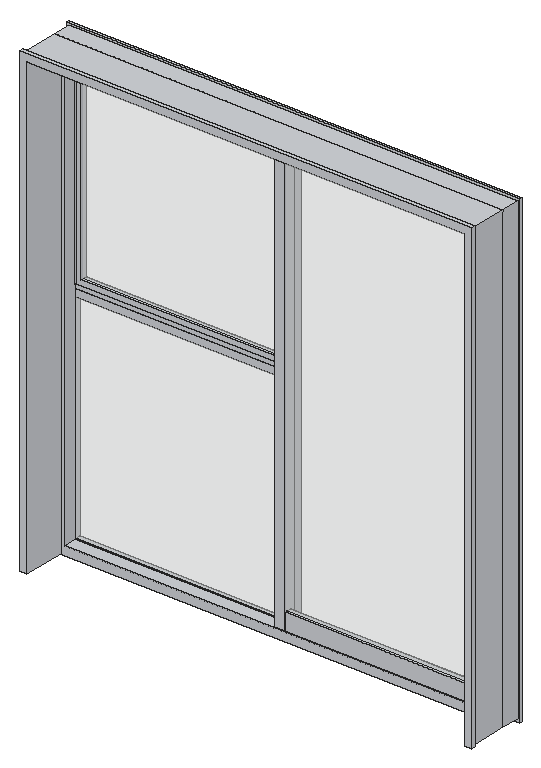
Revit family "APL Residential Thermal Heart Sliding Door SF with Sidelight", category Doors, host Wall, Revit 2017 (continued)
Definition of nested family "APL Residential Thermal Heart Sliding Door SF Vertical Section"
  Definition of nested family "Sill Two Panel"
    Definition of nested family "65380_Frame Sill"
      Lines and regions (mm)
        detail lines, in view "Ref. Level"
          curve 561: arc (70.893, 10, 0) -> (70.996, 10.014, 0) -> (71.093, 10.054, 0) r 0.4
          curve 562: arc (72.621, 10.939, 0) -> (72.911, 11.059, 0) -> (73.222, 11.1, 0) r 1.2
          curve 563: arc (74.145, 11.1, 0) -> (74.718, 11.281, 0) -> (75.084, 11.758, 0) r 1
          curve 564: arc (75.877, 13.937, 0) -> (76.024, 14.128, 0) -> (76.253, 14.2, 0) r 0.4
          curve 565: arc (78.947, 14.2, 0) -> (79.176, 14.128, 0) -> (79.323, 13.937, 0) r 0.4
          curve 566: arc (80.116, 11.758, 0) -> (80.482, 11.281, 0) -> (81.055, 11.1, 0) r 1
          curve 567: arc (81.978, 11.1, 0) -> (82.289, 11.059, 0) -> (82.579, 10.939, 0) r 1.2
          curve 568: arc (84.107, 10.054, 0) -> (84.204, 10.014, 0) -> (84.307, 10, 0) r 0.4
          curve 569: arc (84.6, 10, 0) -> (84.883, 10.117, 0) -> (85, 10.4, 0) r 0.4
          curve 570: arc (85, 13.8, 0) -> (84.883, 14.083, 0) -> (84.6, 14.2, 0) r 0.4
          curve 571: arc (84.307, 14.2, 0) -> (84.204, 14.187, 0) -> (84.107, 14.146, 0) r 0.4
          curve 572: arc (82.579, 13.262, 0) -> (82.285, 13.14, 0) -> (81.97, 13.1, 0) r 1.2
          curve 573: arc (81.97, 13.1, 0) -> (81.795, 13.153, 0) -> (81.684, 13.298, 0) r 0.3
          curve 574: arc (80.796, 15.737, 0) -> (80.649, 15.928, 0) -> (80.42, 16, 0) r 0.4
          curve 575: arc (74.78, 16, 0) -> (74.551, 15.928, 0) -> (74.404, 15.737, 0) r 0.4
          curve 576: arc (73.516, 13.298, 0) -> (73.405, 13.153, 0) -> (73.23, 13.1, 0) r 0.3
          curve 577: arc (73.23, 13.1, 0) -> (72.915, 13.14, 0) -> (72.621, 13.262, 0) r 1.2
          curve 578: arc (71.093, 14.146, 0) -> (70.996, 14.187, 0) -> (70.893, 14.2, 0) r 0.4
          curve 579: arc (70.6, 14.2, 0) -> (70.317, 14.083, 0) -> (70.2, 13.8, 0) r 0.4
          curve 580: line (70.6, 10, 0) -> (70.893, 10, 0)
          curve 581: line (71.093, 10.054, 0) -> (72.621, 10.939, 0)
          curve 582: line (73.222, 11.1, 0) -> (74.145, 11.1, 0)
          curve 583: line (75.084, 11.758, 0) -> (75.877, 13.937, 0)
          curve 584: line (76.253, 14.2, 0) -> (78.947, 14.2, 0)
          curve 585: line (79.323, 13.937, 0) -> (80.116, 11.758, 0)
          curve 586: line (81.055, 11.1, 0) -> (81.978, 11.1, 0)
          curve 587: line (82.579, 10.939, 0) -> (84.107, 10.054, 0)
          curve 588: line (84.307, 10, 0) -> (84.6, 10, 0)
          curve 589: line (85, 10.4, 0) -> (85, 13.8, 0)
          curve 590: line (84.6, 14.2, 0) -> (84.307, 14.2, 0)
          curve 591: line (84.107, 14.146, 0) -> (82.579, 13.262, 0)
          curve 592: line (81.684, 13.298, 0) -> (80.796, 15.737, 0)
          curve 593: line (80.42, 16, 0) -> (74.78, 16, 0)
          curve 594: line (74.404, 15.737, 0) -> (73.516, 13.298, 0)
          curve 595: line (72.621, 13.262, 0) -> (71.093, 14.146, 0)
          curve 596: line (70.893, 14.2, 0) -> (70.6, 14.2, 0)
          curve 597: line (70.2, 13.8, 0) -> (70.2, 10.4, 0)
          curve 598: arc (70.2, 5.6, 0) -> (70.317, 5.883, 0) -> (70.6, 6, 0) r 0.4
          curve 599: arc (70.893, 6, 0) -> (70.996, 5.987, 0) -> (71.093, 5.946, 0) r 0.4
          curve 600: arc (72.621, 5.062, 0) -> (72.911, 4.941, 0) -> (73.222, 4.9, 0) r 1.2
          curve 601: arc (74.145, 4.9, 0) -> (74.718, 4.719, 0) -> (75.084, 4.242, 0) r 1
          curve 602: arc (75.877, 2.063, 0) -> (76.024, 1.873, 0) -> (76.253, 1.8, 0) r 0.4
          curve 603: arc (78.947, 1.8, 0) -> (79.176, 1.873, 0) -> (79.323, 2.063, 0) r 0.4
          curve 604: arc (80.116, 4.242, 0) -> (80.482, 4.719, 0) -> (81.055, 4.9, 0) r 1
          curve 605: arc (81.978, 4.9, 0) -> (82.289, 4.941, 0) -> (82.579, 5.062, 0) r 1.2
          curve 606: arc (84.107, 5.946, 0) -> (84.204, 5.987, 0) -> (84.307, 6, 0) r 0.4
          curve 607: arc (84.6, 6, 0) -> (84.883, 5.883, 0) -> (85, 5.6, 0) r 0.4
          curve 608: arc (85, 2.2, 0) -> (84.883, 1.917, 0) -> (84.6, 1.8, 0) r 0.4
          curve 609: arc (84.307, 1.8, 0) -> (84.204, 1.814, 0) -> (84.107, 1.854, 0) r 0.4
          curve 610: arc (82.579, 2.739, 0) -> (82.285, 2.86, 0) -> (81.97, 2.9, 0) r 1.2
          curve 611: arc (81.97, 2.9, 0) -> (81.795, 2.847, 0) -> (81.684, 2.703, 0) r 0.3
          curve 612: arc (80.796, 0.263, 0) -> (80.649, 0.073, 0) -> (80.42, 0, 0) r 0.4
          curve 613: arc (74.78, 0, 0) -> (74.551, 0.073, 0) -> (74.404, 0.263, 0) r 0.4
          curve 614: arc (73.516, 2.703, 0) -> (73.405, 2.847, 0) -> (73.23, 2.9, 0) r 0.3
          curve 615: arc (73.23, 2.9, 0) -> (72.915, 2.86, 0) -> (72.621, 2.739, 0) r 1.2
          curve 616: arc (71.093, 1.854, 0) -> (70.996, 1.814, 0) -> (70.893, 1.8, 0) r 0.4
          curve 617: arc (70.6, 1.8, 0) -> (70.317, 1.917, 0) -> (70.2, 2.2, 0) r 0.4
          curve 618: line (70.6, 6, 0) -> (70.893, 6, 0)
          curve 619: line (71.093, 5.946, 0) -> (72.621, 5.062, 0)
          curve 620: line (73.222, 4.9, 0) -> (74.145, 4.9, 0)
          curve 621: line (75.084, 4.242, 0) -> (75.877, 2.063, 0)
          curve 622: line (76.253, 1.8, 0) -> (78.947, 1.8, 0)
          curve 623: line (79.323, 2.063, 0) -> (80.116, 4.242, 0)
          curve 624: line (81.055, 4.9, 0) -> (81.978, 4.9, 0)
          curve 625: line (82.579, 5.062, 0) -> (84.107, 5.946, 0)
          curve 626: line (84.307, 6, 0) -> (84.6, 6, 0)
          curve 627: line (85, 5.6, 0) -> (85, 2.2, 0)
          curve 628: line (84.6, 1.8, 0) -> (84.307, 1.8, 0)
          curve 629: line (84.107, 1.854, 0) -> (82.579, 2.739, 0)
          curve 630: line (81.684, 2.703, 0) -> (80.796, 0.263, 0)
          curve 631: line (80.42, 0, 0) -> (74.78, 0, 0)
          curve 632: line (74.404, 0.263, 0) -> (73.516, 2.703, 0)
          curve 633: line (72.621, 2.739, 0) -> (71.093, 1.854, 0)
          curve 634: line (70.893, 1.8, 0) -> (70.6, 1.8, 0)
          curve 635: line (70.2, 2.2, 0) -> (70.2, 5.6, 0)
          curve 636: line (106.85, 34.861, 0) -> (112.6, 36.402, 0)
          curve 637: line (111.139, 36.01, 0) -> (106.85, 36.01, 0)
          curve 638: line (112.6, 36.85, 0) -> (106.85, 36.85, 0)
          curve 639: line (112.6, 37.69, 0) -> (106.85, 37.69, 0)
          curve 640: line (112.6, 38.61, 0) -> (106.85, 38.61, 0)
          curve 641: line (112.6, 39.45, 0) -> (106.85, 39.45, 0)
          curve 642: line (111.139, 40.29, 0) -> (106.85, 40.29, 0)
          curve 643: line (112.6, 39.899, 0) -> (106.85, 41.439, 0)
          curve 644: line (112.85, 34.7, 0) -> (112.85, 41.6, 0)
          curve 645: line (112.6, 41.6, 0) -> (112.6, 34.7, 0)
          curve 646: line (112.6, 34.7, 0) -> (113.1, 34.7, 0)
          curve 647: line (113.1, 34.7, 0) -> (113.1, 41.6, 0)
          curve 648: line (113.1, 41.6, 0) -> (112.6, 41.6, 0)
          curve 662: line (74.15, 34.861, 0) -> (68.4, 36.402, 0)
          curve 663: line (69.861, 36.01, 0) -> (74.15, 36.01, 0)
          curve 664: line (68.4, 36.85, 0) -> (74.15, 36.85, 0)
          curve 665: line (68.4, 37.69, 0) -> (74.15, 37.69, 0)
          curve 666: line (68.4, 38.61, 0) -> (74.15, 38.61, 0)
          curve 667: line (68.4, 39.45, 0) -> (74.15, 39.45, 0)
          curve 668: line (69.861, 40.29, 0) -> (74.15, 40.29, 0)
          curve 669: line (68.4, 39.899, 0) -> (74.15, 41.439, 0)
          curve 670: line (68.15, 34.7, 0) -> (68.15, 41.6, 0)
          curve 671: line (68.4, 41.6, 0) -> (68.4, 34.7, 0)
          curve 672: line (68.4, 34.7, 0) -> (67.9, 34.7, 0)
          curve 673: line (67.9, 34.7, 0) -> (67.9, 41.6, 0)
          curve 674: line (67.9, 41.6, 0) -> (68.4, 41.6, 0)
        detail lines, in view "Ref. Level", not visible
          curve 649: line (101.764, -41.439, 0) -> (107.514, -39.899, 0)
          curve 650: line (106.053, -40.29, 0) -> (101.764, -40.29, 0)
          curve 651: line (107.514, -39.45, 0) -> (101.764, -39.45, 0)
          curve 652: line (107.514, -38.61, 0) -> (101.764, -38.61, 0)
          curve 653: line (107.514, -37.69, 0) -> (101.764, -37.69, 0)
          curve 654: line (107.514, -36.85, 0) -> (101.764, -36.85, 0)
          curve 655: line (106.053, -36.01, 0) -> (101.764, -36.01, 0)
          curve 656: line (107.514, -36.401, 0) -> (101.764, -34.861, 0)
          curve 657: line (107.764, -41.6, 0) -> (107.764, -34.7, 0)
          curve 658: line (107.514, -34.7, 0) -> (107.514, -41.6, 0)
          curve 659: line (107.514, -41.6, 0) -> (108.014, -41.6, 0)
          curve 660: line (108.014, -41.6, 0) -> (108.014, -34.7, 0)
          curve 661: line (108.014, -34.7, 0) -> (107.514, -34.7, 0)
      Text (mm)
        text "65380" at (9.719, 46, 0), in view "Ref. Level"
Definition of nested family "APL Residential Thermal Heart Sliding Door SF with Sidelight Vertical Section"
  Parameters (values of type "Groove Liner")
    Sill Liner = yes
    Liner End [instance] = 10 mm
    Liner Block = Liner : Liner
    Liner [instance] = 100 mm
    Head Liner = yes
    Groove [instance] = 10 mm
    Glass Sash [instance] = (Box Height / 2) - 104 mm  # 146 mm
    Glass Length [instance] = (Box Height / 2) - 46.5 mm  # 203.5 mm
    Box Height [instance] = 500 mm
  Types (2, lengths in mm): name | Liner Block
    Groove Liner | Liner : Liner
    Liner | Liner No Groove : Liner No Groove
  Reference planes
    plane 1 "Center (Front/Back)": x = -395.477
    plane 2: z = 0
    plane 3 "Center (Left/Right)": y = 126.603
    plane 4: y = 376.603
    plane 5: y = -123.397
    plane 6: x = -283.977
    plane 7: x = -283.977
    plane 8: x = -377.596
    plane 9: y = -128.397
  Dimensions and locks
    equal spacing: plane 4, plane 3 "Center (Left/Right)", plane 5
    "Box Height": plane 4 to plane 5
    "Liner": plane 6 to nested 1
    locked: nested 9 to plane 5 at 30.34
    locked: nested 6 to nested 9 at 6.328
    locked: nested 8 to nested 4 at 6.328
    nested 8 to plane 3 "Center (Left/Right)" to nested 7 = 16.328 mm locked, 45 mm locked
    locked: nested 4 to nested 7 at 6
    locked: nested 5 to nested 3 at 6.047
    locked: plane 4 to nested 5 at 59.047
    locked: nested 3 to nested 1 at 22.396
    "Liner": plane 7 to nested 2
    aligned and locked: plane 7 to nested 2
  Nested families
    nested 1: "Liner" at (-283.977, 355.999, 0), type <- "Liner Block", visible <- "Head Liner", type "Liner", in view "Left", detail levels medium
      with built-in parameter 1001306 0.32808 (stored number, unit not read), Groove 10 mm, End Liner 10 mm
    nested 2: "Liner" at (-283.977, -102.794, 0), type <- "Liner Block", visible <- "Sill Liner", type "Liner", in view "Left", detail levels medium
      with built-in parameter 1001306 0.32808 (stored number, unit not read), Groove 10 mm, End Liner 10 mm
    nested 3: "Head Sash" at (-395.477, 376.603, 0), type "Head Sash", in view "Left", detail levels medium
    nested 4: "Sash Mullion-Transom" at (-355.377, 126.603, 0), type "Sash Mullion-Transom", in view "Left", detail levels medium
    nested 5: "Glazing" at (-388.769, 317.556, 0), Glass Lenght <- "Glass Sash", type "Glazing", in view "Left", detail levels medium
      with Glass Lenght 146 mm
    nested 6: "Sill Fixed Sidelight" at (-308.448, -123.386, 0), type "Sill Fixed Sidelight", in view "Left", detail levels medium
    nested 7: "Glazing" at (-388.769, 171.603, 0), Glass Lenght <- "Glass Sash", type "Glazing", in view "Left", detail levels medium
      with Glass Lenght 146 mm
    nested 8: "Glazing Bead" at (-379.977, 110.275, 0), Glass Lenght <- "Glass Length", type "Glazing Bead", in view "Left", detail levels medium
      with Glass Lenght 203.5 mm
    nested 9: "Glazing Bead" at (-379.977, -93.058, 0), Glass Lenght <- "Glass Length", type "Glazing Bead", in view "Left", detail levels medium
      with Glass Lenght 203.5 mm
  Definition of nested family "Liner"
    Parameters (values of type "Liner")
      Type Image = (empty or 0)
      built-in parameter 1001306 [instance] = 100 mm
      Groove [instance] = 10 mm
      End Liner [instance] = 10 mm
    Reference planes
      plane 1 "Center (Front/Back)": y = 0
      plane 2: z = 0
      plane 3 "Left": x = 0
      plane 4 "Right": x = 100
    Lines and regions (mm)
      Filled region 1, type "Brick", in view "Ref. Level"
        outline origin (0, 0, 0) x (1, 0, 0) y (0, 1, 0)
          loop
            line (0, 0) -> (120, 0) -> (120, 19) -> (110, 19) -> (110, 13.435) -> (100, 13.435) -> (100, 19) -> (0, 19) -> (0, 0)
      reference lines, in view "Ref. Level"
        curve 1: line (0, 0, 0) -> (100, 0, 0)
      detail lines, in view "Ref. Level", detail levels fine
        curve 2: line (100, 0, 0) -> (0, 0, 0)
    Dimensions and locks
      "built-in parameter 1001306": plane 3 "Left" to plane 4 "Right"
      locked: Filled region 1 to curve 2 at 19
      "Groove": plane 4 "Right" to Filled region 1
      "End Liner": Filled region 1 to Filled region 1
      aligned and locked: plane 1 "Center (Front/Back)" to curve 1
      aligned and locked: plane 3 "Left" to curve 1
      aligned and locked: plane 4 "Right" to curve 1
      aligned and locked: curve 1 to Filled region 1
      aligned and locked: plane 1 "Center (Front/Back)" to Filled region 1
      aligned and locked: Filled region 1 to plane 3 "Left"
    Automatic sketch dimensions
      curve 2 to plane 4 "Right" = 0 mm
      Filled region 1 sketch curve to plane 3 "Left" = 0 mm
      Filled region 1 sketch curve to plane 4 "Right" = 0 mm
      Filled region 1 sketch curve to Filled region 1 sketch curve = 10 mm  (x2)
      Filled region 1 sketch curve to plane 1 "Center (Front/Back)" = 0 mm
      Filled region 1 sketch curve to plane 1 "Center (Front/Back)" = 13.435 mm
      Filled region 1 sketch curve to Filled region 1 sketch curve = 5.565 mm  (x2)
      curve 2 to plane 3 "Left" = 0 mm
  Definition of nested family "Head Sash"
    Reference planes
      plane 1 "Center (Front/Back)": y = 0
      plane 2: z = 0
      plane 3 "Center (Left/Right)": x = 0
    Lines and regions (mm)
      detail lines, in view "Ref. Level"
        curve 1: arc (40.782, -34.144, 0) -> (40.472, -34.004, 0) -> (40.309, -34.303, 0) r 0.25
        curve 2: arc (40.336, -44.192, 0) -> (40.498, -44.491, 0) -> (40.808, -44.351, 0) r 0.25
        curve 3: line (40.309, -34.303, 0) -> (41.303, -38.171, 0)
        curve 4: line (41.303, -38.171, 0) -> (40.3, -38.75, 0)
        curve 5: line (40.3, -38.75, 0) -> (40.3, -39.75, 0)
        curve 6: line (40.3, -39.75, 0) -> (41.325, -40.342, 0)
        curve 7: line (41.325, -40.342, 0) -> (40.336, -44.192, 0)
        curve 8: line (40.808, -44.351, 0) -> (42.532, -40.25, 0)
        curve 9: line (42.532, -40.25, 0) -> (43.8, -40.25, 0)
        curve 10: line (43.8, -40.25, 0) -> (43.8, -41.5, 0)
        curve 11: line (43.8, -41.5, 0) -> (44.8, -41.5, 0)
        curve 12: line (44.8, -41.5, 0) -> (44.8, -37, 0)
        curve 13: line (44.8, -37, 0) -> (43.8, -37, 0)
        curve 14: line (43.8, -37, 0) -> (43.8, -38.25, 0)
        curve 15: line (43.8, -38.25, 0) -> (42.508, -38.25, 0)
        curve 16: line (42.508, -38.25, 0) -> (40.782, -34.144, 0)
      detail lines, in view "Ref. Level", not visible
        curve 17: arc (33.161, -9.933, 0) -> (32.851, -9.793, 0) -> (32.689, -10.092, 0) r 0.25
        curve 18: arc (32.715, -19.98, 0) -> (32.877, -20.279, 0) -> (33.188, -20.139, 0) r 0.25
        curve 19: line (32.689, -10.092, 0) -> (33.683, -13.959, 0)
        curve 20: line (33.683, -13.959, 0) -> (32.679, -14.539, 0)
        curve 21: line (32.679, -14.539, 0) -> (32.679, -15.539, 0)
        curve 22: line (32.679, -15.539, 0) -> (33.705, -16.131, 0)
        curve 23: line (33.705, -16.131, 0) -> (32.715, -19.98, 0)
        curve 24: line (33.188, -20.139, 0) -> (34.912, -16.039, 0)
        curve 25: line (34.912, -16.039, 0) -> (36.179, -16.039, 0)
        curve 26: line (36.179, -16.039, 0) -> (36.179, -17.289, 0)
        curve 27: line (36.179, -17.289, 0) -> (37.179, -17.289, 0)
        curve 28: line (37.179, -17.289, 0) -> (37.179, -12.789, 0)
        curve 29: line (37.179, -12.789, 0) -> (36.179, -12.789, 0)
        curve 30: line (36.179, -12.789, 0) -> (36.179, -14.039, 0)
        curve 31: line (36.179, -14.039, 0) -> (34.887, -14.039, 0)
        curve 32: line (34.887, -14.039, 0) -> (33.161, -9.933, 0)
    Dimensions and locks
      locked: nested 2 to nested 1 at 51
      locked: nested 1 to nested 2 at 48
    Nested families
      nested 1: "65400_Frame Head" at (0, 0, 0), type "65400_Frame Head", in view "Ref. Level"
      nested 2: "65720_Sash" at (-0.7, -45, 0), type "65720_Sash", in view "Ref. Level"
    Definition of nested family "65400_Frame Head"
      Reference planes
        plane 1 "Center (Front/Back)": y = 0
        plane 2: z = 0
        plane 3 "Center (Left/Right)": x = 0
      Lines and regions (mm)
        detail lines, in view "Ref. Level"
          curve 1: arc (46.1, -24.2, 0) -> (45.602, -22.998, 0) -> (44.4, -22.5, 0) r 1.7
          curve 2: arc (29.9, -22.5, 0) -> (29.546, -22.354, 0) -> (29.4, -22, 0) r 0.5
          curve 3: arc (29.4, -8.901, 0) -> (29.546, -8.547, 0) -> (29.9, -8.4, 0) r 0.5
          curve 4: arc (36.605, -8.4, 0) -> (37.013, -8.479, 0) -> (37.363, -8.704, 0) r 1.1
          curve 5: arc (37.363, -8.704, 0) -> (38.199, -9.316, 0) -> (39.189, -9.621, 0) r 3.126
          curve 6: arc (62.286, -10.8, 0) -> (62.738, -11.119, 0) -> (63.285, -11.042, 0) r 0.75
          curve 7: arc (63.285, -11.042, 0) -> (64.2, -10.8, 0) -> (65.115, -11.042, 0) r 1.85
          curve 8: arc (65.115, -11.042, 0) -> (65.281, -11.112, 0) -> (65.459, -11.14, 0) r 0.75
          curve 9: arc (65.459, -11.14, 0) -> (65.663, -11.192, 0) -> (65.828, -11.324, 0) r 0.5
          curve 10: arc (65.828, -11.324, 0) -> (66.3, -12.65, 0) -> (65.828, -13.976, 0) r 2.1
          curve 11: arc (65.828, -13.976, 0) -> (65.663, -14.108, 0) -> (65.459, -14.16, 0) r 0.5
          curve 12: arc (65.459, -14.16, 0) -> (65.281, -14.188, 0) -> (65.115, -14.258, 0) r 0.75
          curve 13: arc (65.115, -14.258, 0) -> (63.721, -14.437, 0) -> (62.604, -13.585, 0) r 1.85
          curve 14: arc (62.604, -13.585, 0) -> (61.577, -13.317, 0) -> (61.309, -14.343, 0) r 0.75
          curve 15: arc (61.309, -14.343, 0) -> (62.349, -15.442, 0) -> (63.765, -15.972, 0) r 3.35
          curve 16: arc (63.765, -15.972, 0) -> (64.076, -16.138, 0) -> (64.2, -16.467, 0) r 0.5
          curve 17: arc (64.2, -25.517, 0) -> (64.489, -27.435, 0) -> (65.33, -29.182, 0) r 6.5
          curve 18: arc (65.33, -29.182, 0) -> (65.978, -30.526, 0) -> (66.2, -32, 0) r 5
          curve 19: arc (66.2, -41.1, 0) -> (66.054, -41.454, 0) -> (65.7, -41.6, 0) r 0.5
          curve 20: arc (47, -41.6, 0) -> (46.646, -41.454, 0) -> (46.5, -41.1, 0) r 0.5
          curve 21: arc (46.5, -36.5, 0) -> (46.396, -35.952, 0) -> (46.1, -35.48, 0) r 1.5
          curve 22: arc (24.183, -8.227, 0) -> (24.053, -8.162, 0) -> (24, -8.027, 0) r 0.2
          curve 23: arc (24.399, -5.679, 0) -> (24.668, -5.392, 0) -> (25.06, -5.387, 0) r 0.5
          curve 24: arc (25.06, -5.387, 0) -> (25.236, -5.3, 0) -> (25.42, -5.367, 0) r 0.25
          curve 25: arc (25.42, -5.367, 0) -> (25.563, -5.498, 0) -> (25.569, -5.691, 0) r 0.25
          curve 26: arc (26.823, -6.456, 0) -> (26.898, -6.489, 0) -> (26.979, -6.5, 0) r 0.3
          curve 27: arc (27.5, -6.5, 0) -> (27.658, -6.422, 0) -> (27.694, -6.25, 0) r 0.2
          curve 28: arc (27.5, -2.247, 0) -> (27.526, -2.125, 0) -> (27.6, -2.024, 0) r 0.3
          curve 29: arc (27.6, -2.024, 0) -> (27.664, -1.657, 0) -> (27.322, -1.51, 0) r 0.3
          curve 30: arc (25.179, -2.043, 0) -> (25.09, -2.095, 0) -> (25.038, -2.184, 0) r 0.2
          curve 31: arc (24.993, -2.352, 0) -> (24.852, -2.493, 0) -> (24.659, -2.441, 0) r 0.2
          curve 32: arc (24.295, -2.078, 0) -> (24.235, -1.992, 0) -> (24.208, -1.892, 0) r 0.3
          curve 33: arc (24.001, 0.474, 0) -> (24.117, 0.738, 0) -> (24.403, 0.782, 0) r 0.3
          curve 34: arc (25.813, 0.268, 0) -> (25.939, 0.181, 0) -> (26.005, 0.043, 0) r 0.3
          curve 35: arc (26.005, 0.043, 0) -> (26.278, -0.199, 0) -> (26.583, 0, 0) r 0.3
          curve 36: arc (28.9, 0, 0) -> (29.254, -0.146, 0) -> (29.4, -0.5, 0) r 0.5
          curve 37: arc (29.4, -6.1, 0) -> (29.546, -6.454, 0) -> (29.9, -6.6, 0) r 0.499
          curve 38: arc (37.767, -6.6, 0) -> (38.931, -6.835, 0) -> (39.913, -7.503, 0) r 2.996
          curve 39: arc (39.913, -7.503, 0) -> (40.232, -7.73, 0) -> (40.611, -7.831, 0) r 1.1
          curve 40: arc (68.1, -8.9, 0) -> (68.241, -8.841, 0) -> (68.3, -8.7, 0) r 0.2
          curve 41: arc (68.3, -0.5, 0) -> (68.446, -0.146, 0) -> (68.8, 0, 0) r 0.5
          curve 42: arc (71.117, 0, 0) -> (71.422, -0.199, 0) -> (71.695, 0.043, 0) r 0.3
          curve 43: arc (71.695, 0.043, 0) -> (71.761, 0.181, 0) -> (71.887, 0.268, 0) r 0.3
          curve 44: arc (73.297, 0.782, 0) -> (73.583, 0.738, 0) -> (73.699, 0.474, 0) r 0.3
          curve 45: arc (73.492, -1.892, 0) -> (73.465, -1.992, 0) -> (73.405, -2.078, 0) r 0.3
          curve 46: arc (73.041, -2.441, 0) -> (72.848, -2.493, 0) -> (72.707, -2.352, 0) r 0.2
          curve 47: arc (72.662, -2.184, 0) -> (72.61, -2.095, 0) -> (72.521, -2.043, 0) r 0.2
          curve 48: arc (70.378, -1.51, 0) -> (70.036, -1.657, 0) -> (70.1, -2.024, 0) r 0.3
          curve 49: arc (70.1, -2.024, 0) -> (70.174, -2.125, 0) -> (70.2, -2.247, 0) r 0.3
          curve 50: arc (70.006, -6.25, 0) -> (70.042, -6.422, 0) -> (70.2, -6.5, 0) r 0.2
          curve 51: arc (70.721, -6.5, 0) -> (70.802, -6.489, 0) -> (70.877, -6.456, 0) r 0.3
          curve 52: arc (72.131, -5.691, 0) -> (72.137, -5.498, 0) -> (72.28, -5.367, 0) r 0.25
          curve 53: arc (72.28, -5.367, 0) -> (72.55, -5.321, 0) -> (72.7, -5.55, 0) r 0.25
          curve 54: arc (72.7, -7.124, 0) -> (72.618, -7.522, 0) -> (72.385, -7.854, 0) r 1
          curve 55: arc (72.385, -7.854, 0) -> (72.322, -8, 0) -> (72.385, -8.146, 0) r 0.2
          curve 56: arc (72.385, -8.146, 0) -> (72.618, -8.477, 0) -> (72.7, -8.874, 0) r 1
          curve 57: arc (72.7, -10.449, 0) -> (72.573, -10.668, 0) -> (72.32, -10.663, 0) r 0.25
          curve 58: arc (72.234, -10.611, 0) -> (72.128, -10.479, 0) -> (72.131, -10.309, 0) r 0.25
          curve 59: arc (70.877, -9.544, 0) -> (70.802, -9.511, 0) -> (70.721, -9.5, 0) r 0.3
          curve 60: arc (70.2, -9.5, 0) -> (70.042, -9.578, 0) -> (70.006, -9.75, 0) r 0.2
          curve 61: arc (70.2, -13.753, 0) -> (70.174, -13.876, 0) -> (70.1, -13.976, 0) r 0.3
          curve 62: arc (70.1, -13.976, 0) -> (70.02, -14.307, 0) -> (70.3, -14.5, 0) r 0.3
          curve 63: arc (72.521, -13.957, 0) -> (72.61, -13.905, 0) -> (72.662, -13.816, 0) r 0.2
          curve 64: arc (72.707, -13.648, 0) -> (72.848, -13.507, 0) -> (73.041, -13.559, 0) r 0.2
          curve 65: arc (73.405, -13.922, 0) -> (73.465, -14.008, 0) -> (73.492, -14.108, 0) r 0.3
          curve 66: arc (73.699, -16.474, 0) -> (73.583, -16.738, 0) -> (73.297, -16.782, 0) r 0.3
          curve 67: arc (71.887, -16.268, 0) -> (71.761, -16.181, 0) -> (71.695, -16.043, 0) r 0.3
          curve 68: arc (71.695, -16.043, 0) -> (71.422, -15.801, 0) -> (71.117, -16, 0) r 0.3
          curve 69: arc (66.201, -16, 0) -> (65.847, -16.146, 0) -> (65.7, -16.5, 0) r 0.5
          curve 70: arc (65.7, -25.519, 0) -> (65.922, -26.994, 0) -> (66.57, -28.337, 0) r 5
          curve 71: arc (66.57, -28.337, 0) -> (67.411, -30.083, 0) -> (67.7, -32, 0) r 6.5
          curve 72: arc (67.7, -33.1, 0) -> (67.759, -33.241, 0) -> (67.9, -33.3, 0) r 0.2
          curve 73: arc (69.3, -33.3, 0) -> (69.441, -33.241, 0) -> (69.5, -33.1, 0) r 0.2
          curve 74: arc (69.5, -32.8, 0) -> (70, -32.299, 0) -> (70.5, -32.8, 0) r 0.5
          curve 75: arc (70.5, -35.351, 0) -> (69.999, -35.85, 0) -> (69.5, -35.35, 0) r 0.5
          curve 76: arc (69.5, -34.5, 0) -> (69.441, -34.359, 0) -> (69.3, -34.3, 0) r 0.2
          curve 77: arc (67.9, -34.3, 0) -> (67.759, -34.359, 0) -> (67.7, -34.5, 0) r 0.2
          curve 78: arc (67.7, -41.8, 0) -> (67.759, -41.941, 0) -> (67.9, -42, 0) r 0.2
          curve 79: arc (69.3, -42, 0) -> (69.441, -41.941, 0) -> (69.5, -41.8, 0) r 0.2
          curve 80: arc (69.5, -40.95, 0) -> (70, -40.449, 0) -> (70.5, -40.95, 0) r 0.5
          curve 81: arc (70.5, -42.499, 0) -> (70.354, -42.853, 0) -> (70, -43, 0) r 0.5
          curve 82: arc (42.7, -43, 0) -> (42.559, -42.941, 0) -> (42.5, -42.8, 0) r 0.2
          curve 83: arc (42.5, -41.25, 0) -> (43, -40.749, 0) -> (43.5, -41.25, 0) r 0.5
          curve 84: arc (43.5, -41.8, 0) -> (43.559, -41.941, 0) -> (43.7, -42, 0) r 0.2
          curve 85: arc (44.8, -42, 0) -> (44.941, -41.941, 0) -> (45, -41.8, 0) r 0.2
          curve 86: arc (45, -36.7, 0) -> (44.941, -36.559, 0) -> (44.8, -36.5, 0) r 0.2
          curve 87: arc (43.7, -36.5, 0) -> (43.559, -36.559, 0) -> (43.5, -36.7, 0) r 0.2
          curve 88: arc (43.5, -37.25, 0) -> (43, -37.749, 0) -> (42.5, -37.25, 0) r 0.5
          curve 89: arc (42.5, -36.5, 0) -> (42.793, -35.793, 0) -> (43.5, -35.5, 0) r 1
          curve 90: arc (44.395, -35.5, 0) -> (44.539, -35.443, 0) -> (44.6, -35.3, 0) r 0.202
          curve 91: arc (44.6, -24.2, 0) -> (44.538, -24.058, 0) -> (44.395, -24, 0) r 0.205
          curve 92: arc (26.583, -24, 0) -> (26.278, -23.801, 0) -> (26.005, -24.043, 0) r 0.3
          curve 93: arc (26.005, -24.043, 0) -> (25.939, -24.181, 0) -> (25.813, -24.268, 0) r 0.3
          curve 94: arc (24.403, -24.782, 0) -> (24.117, -24.738, 0) -> (24.001, -24.474, 0) r 0.3
          curve 95: arc (24.208, -22.108, 0) -> (24.235, -22.008, 0) -> (24.295, -21.922, 0) r 0.3
          curve 96: arc (24.659, -21.559, 0) -> (24.852, -21.507, 0) -> (24.993, -21.648, 0) r 0.2
          curve 97: arc (25.038, -21.816, 0) -> (25.09, -21.905, 0) -> (25.179, -21.957, 0) r 0.2
          curve 98: arc (27.322, -22.49, 0) -> (27.664, -22.343, 0) -> (27.6, -21.976, 0) r 0.3
          curve 99: arc (27.6, -21.976, 0) -> (27.526, -21.875, 0) -> (27.5, -21.753, 0) r 0.3
          curve 100: arc (27.694, -17.75, 0) -> (27.658, -17.578, 0) -> (27.5, -17.5, 0) r 0.2
          curve 101: arc (26.979, -17.5, 0) -> (26.898, -17.511, 0) -> (26.823, -17.544, 0) r 0.3
          curve 102: arc (25.569, -18.309, 0) -> (25.563, -18.502, 0) -> (25.42, -18.633, 0) r 0.25
          curve 103: arc (25.42, -18.633, 0) -> (25.15, -18.679, 0) -> (25, -18.45, 0) r 0.25
          curve 104: arc (25, -16.874, 0) -> (25.128, -16.385, 0) -> (25.479, -16.021, 0) r 1
          curve 105: line (46.1, -35.48, 0) -> (46.1, -24.2, 0)
          curve 106: line (44.4, -22.5, 0) -> (29.9, -22.5, 0)
          curve 107: line (29.4, -22, 0) -> (29.4, -8.901, 0)
          curve 108: line (29.9, -8.4, 0) -> (36.605, -8.4, 0)
          curve 109: line (39.189, -9.621, 0) -> (53.629, -10.8, 0)
          curve 110: line (53.629, -10.8, 0) -> (62.286, -10.8, 0)
          curve 111: line (64.2, -16.467, 0) -> (64.2, -25.517, 0)
          curve 112: line (66.2, -32, 0) -> (66.2, -41.1, 0)
          curve 113: line (65.7, -41.6, 0) -> (47, -41.6, 0)
          curve 114: line (46.5, -41.1, 0) -> (46.5, -36.5, 0)
          curve 115: line (27.317, -8.501, 0) -> (24.183, -8.227, 0)
          curve 116: line (24, -8.027, 0) -> (24, -6.776, 0)
          curve 117: line (24, -6.776, 0) -> (24.399, -5.679, 0)
          curve 118: line (25.569, -5.691, 0) -> (26.823, -6.456, 0)
          curve 119: line (26.979, -6.5, 0) -> (27.5, -6.5, 0)
          curve 120: line (27.694, -6.25, 0) -> (27.5, -5.5, 0)
          curve 121: line (27.5, -5.475, 0) -> (27.5, -2.247, 0)
          curve 122: line (27.312, -1.472, 0) -> (25.179, -2.043, 0)
          curve 123: line (25.038, -2.184, 0) -> (24.993, -2.352, 0)
          curve 124: line (24.659, -2.441, 0) -> (24.295, -2.078, 0)
          curve 125: line (24.208, -1.892, 0) -> (24.001, 0.474, 0)
          curve 126: line (24.403, 0.782, 0) -> (25.813, 0.268, 0)
          curve 127: line (26.583, 0, 0) -> (28.9, 0, 0)
          curve 128: line (29.4, -0.5, 0) -> (29.4, -6.1, 0)
          curve 129: line (29.9, -6.6, 0) -> (33.5, -6.6, 0)
          curve 130: line (33.5, -6.6, 0) -> (33.9, -7, 0)
          curve 131: line (33.9, -7, 0) -> (34.3, -6.6, 0)
          curve 132: line (34.3, -6.6, 0) -> (37.767, -6.6, 0)
          curve 133: line (40.611, -7.831, 0) -> (53.707, -8.9, 0)
          curve 134: line (53.707, -8.9, 0) -> (58.307, -8.9, 0)
          curve 135: line (58.307, -8.9, 0) -> (58.707, -9.3, 0)
          curve 136: line (58.707, -9.3, 0) -> (59.107, -8.9, 0)
          curve 137: line (59.107, -8.9, 0) -> (68.1, -8.9, 0)
          curve 138: line (68.3, -8.7, 0) -> (68.3, -0.5, 0)
          curve 139: line (68.8, 0, 0) -> (71.117, 0, 0)
          curve 140: line (71.887, 0.268, 0) -> (73.297, 0.782, 0)
          curve 141: line (73.699, 0.474, 0) -> (73.492, -1.892, 0)
          curve 142: line (73.405, -2.078, 0) -> (73.041, -2.441, 0)
          curve 143: line (72.707, -2.352, 0) -> (72.662, -2.184, 0)
          curve 144: line (72.521, -2.043, 0) -> (70.388, -1.472, 0)
          curve 145: line (70.2, -2.247, 0) -> (70.2, -5.475, 0)
          curve 146: line (70.2, -5.5, 0) -> (70.006, -6.25, 0)
          curve 147: line (70.2, -6.5, 0) -> (70.721, -6.5, 0)
          curve 148: line (70.877, -6.456, 0) -> (72.131, -5.691, 0)
          curve 149: line (72.7, -5.55, 0) -> (72.7, -7.124, 0)
          curve 150: line (72.7, -8.874, 0) -> (72.7, -10.449, 0)
          curve 151: line (72.131, -10.309, 0) -> (70.877, -9.544, 0)
          curve 152: line (70.721, -9.5, 0) -> (70.2, -9.5, 0)
          curve 153: line (70.006, -9.75, 0) -> (70.2, -10.5, 0)
          curve 154: line (70.2, -10.525, 0) -> (70.2, -13.753, 0)
          curve 155: line (70.532, -14.49, 0) -> (72.521, -13.957, 0)
          curve 156: line (72.662, -13.816, 0) -> (72.707, -13.648, 0)
          curve 157: line (73.041, -13.559, 0) -> (73.405, -13.922, 0)
          curve 158: line (73.492, -14.108, 0) -> (73.699, -16.474, 0)
          curve 159: line (73.297, -16.782, 0) -> (71.887, -16.268, 0)
          curve 160: line (71.117, -16, 0) -> (66.201, -16, 0)
          curve 161: line (65.7, -16.5, 0) -> (65.7, -25.519, 0)
          curve 162: line (67.7, -32, 0) -> (67.7, -33.1, 0)
          curve 163: line (67.9, -33.3, 0) -> (69.3, -33.3, 0)
          curve 164: line (69.5, -33.1, 0) -> (69.5, -32.8, 0)
          curve 165: line (70.5, -32.8, 0) -> (70.5, -35.351, 0)
          curve 166: line (69.5, -35.35, 0) -> (69.5, -34.5, 0)
          curve 167: line (69.3, -34.3, 0) -> (67.9, -34.3, 0)
          curve 168: line (67.7, -34.5, 0) -> (67.7, -41.8, 0)
          curve 169: line (67.9, -42, 0) -> (69.3, -42, 0)
          curve 170: line (69.5, -41.8, 0) -> (69.5, -40.95, 0)
          curve 171: line (70.5, -40.95, 0) -> (70.5, -42.499, 0)
          curve 172: line (70, -43, 0) -> (42.7, -43, 0)
          curve 173: line (42.5, -42.8, 0) -> (42.5, -41.25, 0)
          curve 174: line (43.5, -41.25, 0) -> (43.5, -41.8, 0)
          curve 175: line (43.7, -42, 0) -> (44.8, -42, 0)
          curve 176: line (45, -41.8, 0) -> (45, -36.7, 0)
          curve 177: line (44.8, -36.5, 0) -> (43.7, -36.5, 0)
          curve 178: line (43.5, -36.7, 0) -> (43.5, -37.25, 0)
          curve 179: line (42.5, -37.25, 0) -> (42.5, -36.5, 0)
          curve 180: line (43.5, -35.5, 0) -> (44.395, -35.5, 0)
          curve 181: line (44.6, -35.3, 0) -> (44.6, -24.2, 0)
          curve 182: line (44.395, -24, 0) -> (34.3, -24, 0)
          curve 183: line (34.3, -24, 0) -> (33.9, -23.6, 0)
          curve 184: line (33.9, -23.6, 0) -> (33.5, -24, 0)
          curve 185: line (33.5, -24, 0) -> (26.583, -24, 0)
          curve 186: line (25.813, -24.268, 0) -> (24.403, -24.782, 0)
          curve 187: line (24.001, -24.474, 0) -> (24.208, -22.108, 0)
          curve 188: line (24.295, -21.922, 0) -> (24.659, -21.559, 0)
          curve 189: line (24.993, -21.648, 0) -> (25.038, -21.816, 0)
          curve 190: line (25.179, -21.957, 0) -> (27.312, -22.528, 0)
          curve 191: line (27.5, -21.753, 0) -> (27.5, -18.525, 0)
          curve 192: line (27.5, -18.5, 0) -> (27.694, -17.75, 0)
          curve 193: line (27.5, -17.5, 0) -> (26.979, -17.5, 0)
          curve 194: line (26.823, -17.544, 0) -> (25.569, -18.309, 0)
          curve 195: line (25, -18.45, 0) -> (25, -16.874, 0)
          curve 196: line (25.479, -16.021, 0) -> (26.284, -15.529, 0)
          curve 197: line (26.389, -15.5, 0) -> (27.5, -15.5, 0)
          curve 198: line (27.5, -15.5, 0) -> (27.5, -8.7, 0)
          curve 199: arc (27.5, -8.7, 0) -> (27.447, -8.565, 0) -> (27.317, -8.501, 0) r 0.2
          curve 200: arc (70.2, -10.4, 0) -> (70.317, -10.117, 0) -> (70.6, -10, 0) r 0.4
          curve 201: arc (70.893, -10, 0) -> (70.996, -10.014, 0) -> (71.093, -10.054, 0) r 0.4
          curve 202: arc (72.621, -10.939, 0) -> (72.911, -11.059, 0) -> (73.222, -11.1, 0) r 1.2
          curve 203: arc (74.145, -11.1, 0) -> (74.718, -11.281, 0) -> (75.084, -11.758, 0) r 1
          curve 204: arc (75.877, -13.937, 0) -> (76.024, -14.128, 0) -> (76.253, -14.2, 0) r 0.4
          curve 205: arc (78.947, -14.2, 0) -> (79.176, -14.128, 0) -> (79.323, -13.937, 0) r 0.4
          curve 206: arc (80.116, -11.758, 0) -> (80.482, -11.281, 0) -> (81.055, -11.1, 0) r 1
          curve 207: arc (81.978, -11.1, 0) -> (82.289, -11.059, 0) -> (82.579, -10.939, 0) r 1.2
          curve 208: arc (84.107, -10.054, 0) -> (84.204, -10.014, 0) -> (84.307, -10, 0) r 0.4
          curve 209: arc (84.6, -10, 0) -> (84.883, -10.117, 0) -> (85, -10.4, 0) r 0.4
          curve 210: arc (85, -13.8, 0) -> (84.883, -14.083, 0) -> (84.6, -14.2, 0) r 0.4
          curve 211: arc (84.307, -14.2, 0) -> (84.204, -14.186, 0) -> (84.107, -14.146, 0) r 0.4
          curve 212: arc (82.579, -13.262, 0) -> (82.285, -13.14, 0) -> (81.97, -13.1, 0) r 1.2
          curve 213: arc (81.97, -13.1, 0) -> (81.795, -13.153, 0) -> (81.684, -13.297, 0) r 0.3
          curve 214: arc (80.796, -15.737, 0) -> (80.649, -15.928, 0) -> (80.42, -16, 0) r 0.4
          curve 215: arc (74.78, -16, 0) -> (74.551, -15.928, 0) -> (74.404, -15.737, 0) r 0.4
          curve 216: arc (73.516, -13.297, 0) -> (73.405, -13.153, 0) -> (73.23, -13.1, 0) r 0.3
          curve 217: arc (73.23, -13.1, 0) -> (72.915, -13.14, 0) -> (72.621, -13.262, 0) r 1.2
          curve 218: arc (71.093, -14.146, 0) -> (70.996, -14.186, 0) -> (70.893, -14.2, 0) r 0.4
          curve 219: arc (70.6, -14.2, 0) -> (70.317, -14.083, 0) -> (70.2, -13.8, 0) r 0.4
          curve 220: line (70.6, -10, 0) -> (70.893, -10, 0)
          curve 221: line (71.093, -10.054, 0) -> (72.621, -10.939, 0)
          curve 222: line (73.222, -11.1, 0) -> (74.145, -11.1, 0)
          curve 223: line (75.084, -11.758, 0) -> (75.877, -13.937, 0)
          curve 224: line (76.253, -14.2, 0) -> (78.947, -14.2, 0)
          curve 225: line (79.323, -13.937, 0) -> (80.116, -11.758, 0)
          curve 226: line (81.055, -11.1, 0) -> (81.978, -11.1, 0)
          curve 227: line (82.579, -10.939, 0) -> (84.107, -10.054, 0)
          curve 228: line (84.307, -10, 0) -> (84.6, -10, 0)
          curve 229: line (85, -10.4, 0) -> (85, -13.8, 0)
          curve 230: line (84.6, -14.2, 0) -> (84.307, -14.2, 0)
          curve 231: line (84.107, -14.146, 0) -> (82.579, -13.262, 0)
          curve 232: line (81.684, -13.297, 0) -> (80.796, -15.737, 0)
          curve 233: line (80.42, -16, 0) -> (74.78, -16, 0)
          curve 234: line (74.404, -15.737, 0) -> (73.516, -13.297, 0)
          curve 235: line (72.621, -13.262, 0) -> (71.093, -14.146, 0)
          curve 236: line (70.893, -14.2, 0) -> (70.6, -14.2, 0)
          curve 237: line (70.2, -13.8, 0) -> (70.2, -10.4, 0)
          curve 238: arc (70.2, -5.6, 0) -> (70.317, -5.883, 0) -> (70.6, -6, 0) r 0.4
          curve 239: arc (70.893, -6, 0) -> (70.996, -5.986, 0) -> (71.093, -5.946, 0) r 0.4
          curve 240: arc (72.621, -5.061, 0) -> (72.911, -4.941, 0) -> (73.222, -4.9, 0) r 1.2
          curve 241: arc (74.145, -4.9, 0) -> (74.718, -4.719, 0) -> (75.084, -4.242, 0) r 1
          curve 242: arc (75.877, -2.063, 0) -> (76.024, -1.872, 0) -> (76.253, -1.8, 0) r 0.4
          curve 243: arc (78.947, -1.8, 0) -> (79.176, -1.872, 0) -> (79.323, -2.063, 0) r 0.4
          curve 244: arc (80.116, -4.242, 0) -> (80.482, -4.719, 0) -> (81.055, -4.9, 0) r 1
          curve 245: arc (81.978, -4.9, 0) -> (82.289, -4.941, 0) -> (82.579, -5.061, 0) r 1.2
          curve 246: arc (84.107, -5.946, 0) -> (84.204, -5.986, 0) -> (84.307, -6, 0) r 0.4
          curve 247: arc (84.6, -6, 0) -> (84.883, -5.883, 0) -> (85, -5.6, 0) r 0.4
          curve 248: arc (85, -2.2, 0) -> (84.883, -1.917, 0) -> (84.6, -1.8, 0) r 0.4
          curve 249: arc (84.307, -1.8, 0) -> (84.204, -1.814, 0) -> (84.107, -1.854, 0) r 0.4
          curve 250: arc (82.579, -2.739, 0) -> (82.285, -2.86, 0) -> (81.97, -2.9, 0) r 1.2
          curve 251: arc (81.97, -2.9, 0) -> (81.795, -2.847, 0) -> (81.684, -2.703, 0) r 0.3
          curve 252: arc (80.796, -0.263, 0) -> (80.649, -0.072, 0) -> (80.42, 0, 0) r 0.4
          curve 253: arc (74.78, 0, 0) -> (74.551, -0.072, 0) -> (74.404, -0.263, 0) r 0.4
          curve 254: arc (73.516, -2.703, 0) -> (73.405, -2.847, 0) -> (73.23, -2.9, 0) r 0.3
          curve 255: arc (73.23, -2.9, 0) -> (72.915, -2.86, 0) -> (72.621, -2.739, 0) r 1.2
          curve 256: arc (71.093, -1.854, 0) -> (70.996, -1.814, 0) -> (70.893, -1.8, 0) r 0.4
          curve 257: arc (70.6, -1.8, 0) -> (70.317, -1.917, 0) -> (70.2, -2.2, 0) r 0.4
          curve 258: line (70.6, -6, 0) -> (70.893, -6, 0)
          curve 259: line (71.093, -5.946, 0) -> (72.621, -5.061, 0)
          curve 260: line (73.222, -4.9, 0) -> (74.145, -4.9, 0)
          curve 261: line (75.084, -4.242, 0) -> (75.877, -2.063, 0)
          curve 262: line (76.253, -1.8, 0) -> (78.947, -1.8, 0)
          curve 263: line (79.323, -2.063, 0) -> (80.116, -4.242, 0)
          curve 264: line (81.055, -4.9, 0) -> (81.978, -4.9, 0)
          curve 265: line (82.579, -5.061, 0) -> (84.107, -5.946, 0)
          curve 266: line (84.307, -6, 0) -> (84.6, -6, 0)
          curve 267: line (85, -5.6, 0) -> (85, -2.2, 0)
          curve 268: line (84.6, -1.8, 0) -> (84.307, -1.8, 0)
          curve 269: line (84.107, -1.854, 0) -> (82.579, -2.739, 0)
          curve 270: line (81.684, -2.703, 0) -> (80.796, -0.263, 0)
          curve 271: line (80.42, 0, 0) -> (74.78, 0, 0)
          curve 272: line (74.404, -0.263, 0) -> (73.516, -2.703, 0)
          curve 273: line (72.621, -2.739, 0) -> (71.093, -1.854, 0)
          curve 274: line (70.893, -1.8, 0) -> (70.6, -1.8, 0)
          curve 275: line (70.2, -2.2, 0) -> (70.2, -5.6, 0)
          curve 276: arc (113.4, -35.877, 0) -> (113.327, -35.95, 0) -> (113.3, -36.05, 0) r 0.2
          curve 277: arc (113.3, -40.25, 0) -> (113.327, -40.35, 0) -> (113.4, -40.423, 0) r 0.2
          curve 278: arc (113.4, -40.423, 0) -> (113.473, -40.496, 0) -> (113.5, -40.596, 0) r 0.2
          curve 279: arc (113.5, -41.8, 0) -> (113.441, -41.941, 0) -> (113.3, -42, 0) r 0.2
          curve 280: arc (111.701, -42, 0) -> (111.559, -41.942, 0) -> (111.5, -41.8, 0) r 0.2
          curve 281: arc (111.5, -40.95, 0) -> (111, -40.451, 0) -> (110.5, -40.95, 0) r 0.5
          curve 282: arc (110.5, -42.5, 0) -> (110.646, -42.854, 0) -> (111, -43, 0) r 0.499
          curve 283: arc (114.5, -43, 0) -> (114.847, -42.847, 0) -> (115, -42.5, 0) r 0.523
          curve 284: arc (115, -21.5, 0) -> (114.856, -21.144, 0) -> (114.5, -21, 0) r 0.493
          curve 285: arc (111.7, -21, 0) -> (111.558, -20.942, 0) -> (111.5, -20.8, 0) r 0.199
          curve 286: arc (111.5, -13.199, 0) -> (110.852, -11.559, 0) -> (109.258, -10.805, 0) r 2.399
          curve 287: arc (109.258, -10.805, 0) -> (108.878, -10.588, 0) -> (108.814, -10.156, 0) r 0.5
          curve 288: arc (108.814, -10.156, 0) -> (109, -8.953, 0) -> (108.816, -7.75, 0) r 4
          curve 289: arc (108.816, -7.75, 0) -> (108.89, -7.304, 0) -> (109.293, -7.1, 0) r 0.5
          curve 290: arc (109.5, -7.1, 0) -> (110.914, -6.514, 0) -> (111.5, -5.1, 0) r 2.001
          curve 291: arc (120.75, -1.5, 0) -> (121.501, -0.747, 0) -> (120.745, 0, 0) r 0.75
          curve 292: arc (111.5, 0, 0) -> (110.439, -0.439, 0) -> (110, -1.5, 0) r 1.5
          curve 293: arc (110, -5, 0) -> (109.941, -5.141, 0) -> (109.8, -5.2, 0) r 0.2
          curve 294: arc (100.5, -5.2, 0) -> (100.146, -5.346, 0) -> (100, -5.7, 0) r 0.5
          curve 295: arc (100, -6.2, 0) -> (100.146, -6.554, 0) -> (100.5, -6.7, 0) r 0.5
          curve 296: arc (101.927, -6.7, 0) -> (102.266, -6.833, 0) -> (102.426, -7.16, 0) r 0.5
          curve 297: arc (102.426, -7.16, 0) -> (102.912, -7.803, 0) -> (103.7, -7.634, 0) r 0.75
          curve 298: arc (103.7, -7.634, 0) -> (105, -7.1, 0) -> (106.3, -7.634, 0) r 1.85
          curve 299: arc (106.3, -7.634, 0) -> (106.442, -7.744, 0) -> (106.607, -7.817, 0) r 0.75
          curve 300: arc (106.607, -7.817, 0) -> (106.791, -7.92, 0) -> (106.916, -8.09, 0) r 0.5
          curve 301: arc (106.916, -8.09, 0) -> (107.1, -8.95, 0) -> (106.916, -9.81, 0) r 2.1
          curve 302: arc (106.916, -9.81, 0) -> (106.791, -9.98, 0) -> (106.607, -10.083, 0) r 0.5
          curve 303: arc (106.607, -10.083, 0) -> (106.442, -10.156, 0) -> (106.3, -10.266, 0) r 0.75
          curve 304: arc (106.3, -10.266, 0) -> (105, -10.8, 0) -> (103.7, -10.266, 0) r 1.85
          curve 305: arc (103.7, -10.266, 0) -> (103.027, -10.064, 0) -> (102.482, -10.509, 0) r 0.75
          curve 306: arc (102.482, -10.509, 0) -> (102.32, -10.716, 0) -> (102.075, -10.812, 0) r 0.5
          curve 307: arc (102.075, -10.812, 0) -> (101.154, -11.14, 0) -> (100.481, -11.85, 0) r 2.1
          curve 308: arc (100.481, -11.85, 0) -> (100.298, -12.033, 0) -> (100.048, -12.1, 0) r 0.5
          curve 309: arc (91.556, -12.1, 0) -> (91.287, -12.022, 0) -> (91.103, -11.812, 0) r 0.5
          curve 310: arc (91.103, -11.812, 0) -> (90.328, -10.929, 0) -> (89.2, -10.6, 0) r 2.1
          curve 311: arc (87.9, -10.6, 0) -> (87.193, -10.307, 0) -> (86.9, -9.6, 0) r 1
          curve 312: arc (86.9, -0.5, 0) -> (86.754, -0.146, 0) -> (86.4, 0, 0) r 0.5
          curve 313: arc (84.083, 0, 0) -> (83.778, -0.199, 0) -> (83.505, 0.043, 0) r 0.3
          curve 314: arc (83.505, 0.043, 0) -> (83.439, 0.181, 0) -> (83.313, 0.268, 0) r 0.3
          curve 315: arc (81.903, 0.782, 0) -> (81.617, 0.738, 0) -> (81.501, 0.474, 0) r 0.3
          curve 316: arc (81.708, -1.892, 0) -> (81.735, -1.992, 0) -> (81.795, -2.078, 0) r 0.3
          curve 317: arc (82.159, -2.441, 0) -> (82.352, -2.493, 0) -> (82.493, -2.352, 0) r 0.2
          curve 318: arc (82.538, -2.184, 0) -> (82.59, -2.095, 0) -> (82.679, -2.043, 0) r 0.2
          curve 319: arc (84.822, -1.51, 0) -> (85.164, -1.657, 0) -> (85.1, -2.024, 0) r 0.3
          curve 320: arc (85.1, -2.024, 0) -> (85.026, -2.125, 0) -> (85, -2.247, 0) r 0.3
          curve 321: arc (85.194, -6.25, 0) -> (85.158, -6.422, 0) -> (85, -6.5, 0) r 0.2
          curve 322: arc (84.479, -6.5, 0) -> (84.398, -6.489, 0) -> (84.323, -6.456, 0) r 0.3
          curve 323: arc (83.069, -5.691, 0) -> (83.063, -5.498, 0) -> (82.92, -5.367, 0) r 0.25
          curve 324: arc (82.92, -5.367, 0) -> (82.65, -5.321, 0) -> (82.5, -5.55, 0) r 0.25
          curve 325: arc (82.5, -7.126, 0) -> (82.582, -7.523, 0) -> (82.815, -7.854, 0) r 1
          curve 326: arc (82.815, -7.854, 0) -> (82.878, -8, 0) -> (82.815, -8.146, 0) r 0.2
          curve 327: arc (82.815, -8.146, 0) -> (82.582, -8.477, 0) -> (82.5, -8.874, 0) r 1
          curve 328: arc (82.5, -10.45, 0) -> (82.628, -10.668, 0) -> (82.88, -10.663, 0) r 0.25
          curve 329: arc (82.966, -10.611, 0) -> (83.072, -10.479, 0) -> (83.069, -10.309, 0) r 0.25
          curve 330: arc (84.323, -9.544, 0) -> (84.398, -9.511, 0) -> (84.479, -9.5, 0) r 0.3
          curve 331: arc (85, -9.5, 0) -> (85.158, -9.577, 0) -> (85.194, -9.75, 0) r 0.2
          curve 332: arc (85, -13.753, 0) -> (85.026, -13.875, 0) -> (85.1, -13.976, 0) r 0.3
          curve 333: arc (85.1, -13.976, 0) -> (85.164, -14.343, 0) -> (84.822, -14.49, 0) r 0.3
          curve 334: arc (82.679, -13.957, 0) -> (82.59, -13.905, 0) -> (82.538, -13.816, 0) r 0.2
          curve 335: arc (82.493, -13.648, 0) -> (82.352, -13.507, 0) -> (82.159, -13.559, 0) r 0.2
          curve 336: arc (81.795, -13.922, 0) -> (81.735, -14.008, 0) -> (81.708, -14.108, 0) r 0.3
          curve 337: arc (81.501, -16.474, 0) -> (81.617, -16.738, 0) -> (81.903, -16.782, 0) r 0.3
          curve 338: arc (83.313, -16.268, 0) -> (83.439, -16.181, 0) -> (83.505, -16.043, 0) r 0.3
          curve 339: arc (83.505, -16.043, 0) -> (83.778, -15.801, 0) -> (84.083, -16, 0) r 0.3
          curve 340: arc (86.7, -16, 0) -> (86.841, -15.941, 0) -> (86.9, -15.8, 0) r 0.2
          curve 341: arc (86.9, -12.7, 0) -> (86.959, -12.559, 0) -> (87.1, -12.5, 0) r 0.2
          curve 342: arc (89.2, -12.5, 0) -> (89.341, -12.559, 0) -> (89.4, -12.7, 0) r 0.2
          curve 343: arc (89.4, -13.8, 0) -> (89.459, -13.941, 0) -> (89.6, -14, 0) r 0.2
          curve 344: arc (101.9, -14, 0) -> (102.042, -13.941, 0) -> (102.1, -13.8, 0) r 0.2
          curve 345: arc (102.1, -12.9, 0) -> (102.159, -12.759, 0) -> (102.3, -12.7, 0) r 0.2
          curve 346: arc (109.1, -12.7, 0) -> (109.454, -12.846, 0) -> (109.6, -13.2, 0) r 0.5
          curve 347: arc (109.6, -14.5, 0) -> (109.541, -14.641, 0) -> (109.4, -14.7, 0) r 0.2
          curve 348: arc (107.3, -14.7, 0) -> (107.159, -14.759, 0) -> (107.1, -14.9, 0) r 0.2
          curve 349: arc (107.1, -15.8, 0) -> (107.159, -15.941, 0) -> (107.3, -16, 0) r 0.2
          curve 350: arc (109.5, -16, 0) -> (109.854, -16.146, 0) -> (110, -16.5, 0) r 0.5
          curve 351: arc (110, -22.8, 0) -> (110.146, -23.154, 0) -> (110.5, -23.3, 0) r 0.5
          curve 352: arc (111.3, -23.3, 0) -> (111.441, -23.241, 0) -> (111.5, -23.1, 0) r 0.2
          curve 353: arc (113.3, -22.3, 0) -> (113.441, -22.359, 0) -> (113.5, -22.5, 0) r 0.2
          curve 354: arc (113.5, -27.4, 0) -> (113.1, -27.8, 0) -> (113.5, -28.2, 0) r 0.4
          curve 355: arc (113.5, -33.1, 0) -> (113.441, -33.241, 0) -> (113.3, -33.3, 0) r 0.2
          curve 356: arc (111.5, -32.7, 0) -> (111.383, -32.417, 0) -> (111.1, -32.3, 0) r 0.4
          curve 357: arc (111, -32.3, 0) -> (110.646, -32.447, 0) -> (110.5, -32.8, 0) r 0.5
          curve 358: arc (110.5, -35.35, 0) -> (111, -35.85, 0) -> (111.5, -35.35, 0) r 0.5
          curve 359: arc (111.5, -34.5, 0) -> (111.559, -34.359, 0) -> (111.7, -34.3, 0) r 0.2
          curve 360: arc (113.3, -34.3, 0) -> (113.441, -34.359, 0) -> (113.5, -34.5, 0) r 0.2
          curve 361: line (113.3, -36.05, 0) -> (113.3, -40.25, 0)
          curve 362: line (113.5, -40.596, 0) -> (113.5, -41.8, 0)
          curve 363: line (113.3, -42, 0) -> (111.701, -42, 0)
          curve 364: line (111.5, -41.8, 0) -> (111.5, -40.95, 0)
          curve 365: line (110.5, -40.95, 0) -> (110.5, -42.5, 0)
          curve 366: line (111, -43, 0) -> (114.5, -43, 0)
          curve 367: line (115, -42.5, 0) -> (115, -21.5, 0)
          curve 368: line (114.5, -21, 0) -> (111.7, -21, 0)
          curve 369: line (111.5, -20.8, 0) -> (111.5, -13.199, 0)
          curve 370: line (109.293, -7.1, 0) -> (109.5, -7.1, 0)
          curve 371: line (111.5, -5.1, 0) -> (111.5, -1.5, 0)
          curve 372: line (111.5, -1.5, 0) -> (120.75, -1.5, 0)
          curve 373: line (120.745, 0, 0) -> (119, 0, 0)
          curve 374: line (119, 0, 0) -> (118.6, -0.4, 0)
          curve 375: line (118.6, -0.4, 0) -> (112.3, -0.4, 0)
          curve 376: line (112.3, -0.4, 0) -> (111.9, 0, 0)
          curve 377: line (111.9, 0, 0) -> (111.5, 0, 0)
          curve 378: line (110, -1.5, 0) -> (110, -5, 0)
          curve 379: line (109.8, -5.2, 0) -> (100.5, -5.2, 0)
          curve 380: line (100, -5.7, 0) -> (100, -6.2, 0)
          curve 381: line (100.5, -6.7, 0) -> (101.927, -6.7, 0)
          curve 382: line (100.048, -12.1, 0) -> (91.556, -12.1, 0)
          curve 383: line (89.2, -10.6, 0) -> (87.9, -10.6, 0)
          curve 384: line (86.9, -9.6, 0) -> (86.9, -0.5, 0)
          curve 385: line (86.4, 0, 0) -> (84.083, 0, 0)
          curve 386: line (83.313, 0.268, 0) -> (81.903, 0.782, 0)
          curve 387: line (81.501, 0.474, 0) -> (81.708, -1.892, 0)
          curve 388: line (81.795, -2.078, 0) -> (82.159, -2.441, 0)
          curve 389: line (82.493, -2.352, 0) -> (82.538, -2.184, 0)
          curve 390: line (82.679, -2.043, 0) -> (84.812, -1.472, 0)
          curve 391: line (85, -2.247, 0) -> (85, -5.475, 0)
          curve 392: line (85, -5.5, 0) -> (85.194, -6.25, 0)
          curve 393: line (85, -6.5, 0) -> (84.479, -6.5, 0)
          curve 394: line (84.323, -6.456, 0) -> (83.069, -5.691, 0)
          curve 395: line (82.5, -5.55, 0) -> (82.5, -7.126, 0)
          curve 396: line (82.5, -8.874, 0) -> (82.5, -10.45, 0)
          curve 397: line (83.069, -10.309, 0) -> (84.323, -9.544, 0)
          curve 398: line (84.479, -9.5, 0) -> (85, -9.5, 0)
          curve 399: line (85.194, -9.75, 0) -> (85, -10.5, 0)
          curve 400: line (85, -10.525, 0) -> (85, -13.752, 0)
          curve 401: line (84.812, -14.528, 0) -> (82.679, -13.957, 0)
          curve 402: line (82.538, -13.816, 0) -> (82.493, -13.648, 0)
          curve 403: line (82.159, -13.559, 0) -> (81.795, -13.922, 0)
          curve 404: line (81.708, -14.108, 0) -> (81.501, -16.474, 0)
          curve 405: line (81.903, -16.782, 0) -> (83.313, -16.268, 0)
          curve 406: line (84.083, -16, 0) -> (86.7, -16, 0)
          curve 407: line (86.9, -15.8, 0) -> (86.9, -12.7, 0)
          curve 408: line (87.1, -12.5, 0) -> (89.2, -12.5, 0)
          curve 409: line (89.4, -12.7, 0) -> (89.4, -13.8, 0)
          curve 410: line (89.6, -14, 0) -> (95.4, -14, 0)
          curve 411: line (95.4, -14, 0) -> (95.8, -13.6, 0)
          curve 412: line (95.8, -13.6, 0) -> (96.2, -14, 0)
          curve 413: line (96.2, -14, 0) -> (101.9, -14, 0)
          curve 414: line (102.1, -13.8, 0) -> (102.1, -12.9, 0)
          curve 415: line (102.3, -12.7, 0) -> (109.1, -12.7, 0)
          curve 416: line (109.6, -13.2, 0) -> (109.6, -14.5, 0)
          curve 417: line (109.4, -14.7, 0) -> (107.3, -14.7, 0)
          curve 418: line (107.1, -14.9, 0) -> (107.1, -15.8, 0)
          curve 419: line (107.3, -16, 0) -> (109.5, -16, 0)
          curve 420: line (110, -16.5, 0) -> (110, -22.8, 0)
          curve 421: line (110.5, -23.3, 0) -> (111.3, -23.3, 0)
          curve 422: line (111.5, -23.1, 0) -> (111.5, -22.3, 0)
          curve 423: line (111.5, -22.3, 0) -> (113.3, -22.3, 0)
          curve 424: line (113.5, -22.5, 0) -> (113.5, -27.4, 0)
          curve 425: line (113.5, -28.2, 0) -> (113.5, -33.1, 0)
          curve 426: line (113.3, -33.3, 0) -> (111.5, -33.3, 0)
          curve 427: line (111.5, -33.3, 0) -> (111.5, -32.7, 0)
          curve 428: line (110.5, -32.8, 0) -> (110.5, -35.35, 0)
          curve 429: line (111.5, -35.35, 0) -> (111.5, -34.5, 0)
          curve 430: line (111.7, -34.3, 0) -> (113.3, -34.3, 0)
          curve 431: line (113.5, -34.5, 0) -> (113.5, -35.704, 0)
          curve 432: arc (113.5, -35.704, 0) -> (113.473, -35.804, 0) -> (113.4, -35.877, 0) r 0.2
          curve 433: arc (12.7, -18.4, 0) -> (12.817, -18.117, 0) -> (13.1, -18, 0) r 0.4
          curve 434: arc (13.393, -18, 0) -> (13.496, -18.014, 0) -> (13.593, -18.054, 0) r 0.4
          curve 435: arc (15.121, -18.939, 0) -> (15.411, -19.059, 0) -> (15.722, -19.1, 0) r 1.2
          curve 436: arc (16.645, -19.1, 0) -> (17.218, -19.281, 0) -> (17.584, -19.758, 0) r 1
          curve 437: arc (18.377, -21.937, 0) -> (18.524, -22.128, 0) -> (18.753, -22.2, 0) r 0.4
          curve 438: arc (21.447, -22.2, 0) -> (21.676, -22.128, 0) -> (21.823, -21.937, 0) r 0.4
          curve 439: arc (22.616, -19.758, 0) -> (22.982, -19.281, 0) -> (23.555, -19.1, 0) r 1
          curve 440: arc (24.478, -19.1, 0) -> (24.789, -19.059, 0) -> (25.079, -18.939, 0) r 1.2
          curve 441: arc (26.607, -18.054, 0) -> (26.704, -18.014, 0) -> (26.807, -18, 0) r 0.4
          curve 442: arc (27.1, -18, 0) -> (27.383, -18.117, 0) -> (27.5, -18.4, 0) r 0.4
          curve 443: arc (27.5, -21.8, 0) -> (27.383, -22.083, 0) -> (27.1, -22.2, 0) r 0.4
          curve 444: arc (26.807, -22.2, 0) -> (26.704, -22.186, 0) -> (26.607, -22.146, 0) r 0.4
          curve 445: arc (25.079, -21.261, 0) -> (24.785, -21.14, 0) -> (24.47, -21.1, 0) r 1.2
          curve 446: arc (24.47, -21.1, 0) -> (24.295, -21.153, 0) -> (24.184, -21.297, 0) r 0.3
          curve 447: arc (23.296, -23.737, 0) -> (23.149, -23.928, 0) -> (22.92, -24, 0) r 0.4
          curve 448: arc (17.28, -24, 0) -> (17.051, -23.928, 0) -> (16.904, -23.737, 0) r 0.4
          curve 449: arc (16.016, -21.297, 0) -> (15.905, -21.153, 0) -> (15.73, -21.1, 0) r 0.3
          curve 450: arc (15.73, -21.1, 0) -> (15.415, -21.14, 0) -> (15.121, -21.261, 0) r 1.2
          curve 451: arc (13.593, -22.146, 0) -> (13.496, -22.186, 0) -> (13.393, -22.2, 0) r 0.4
          curve 452: arc (13.1, -22.2, 0) -> (12.817, -22.083, 0) -> (12.7, -21.8, 0) r 0.4
          curve 453: line (13.1, -18, 0) -> (13.393, -18, 0)
          curve 454: line (13.593, -18.054, 0) -> (15.121, -18.939, 0)
          curve 455: line (15.722, -19.1, 0) -> (16.645, -19.1, 0)
          curve 456: line (17.584, -19.758, 0) -> (18.377, -21.937, 0)
          curve 457: line (18.753, -22.2, 0) -> (21.447, -22.2, 0)
          curve 458: line (21.823, -21.937, 0) -> (22.616, -19.758, 0)
          curve 459: line (23.555, -19.1, 0) -> (24.478, -19.1, 0)
          curve 460: line (25.079, -18.939, 0) -> (26.607, -18.054, 0)
          curve 461: line (26.807, -18, 0) -> (27.1, -18, 0)
          curve 462: line (27.5, -18.4, 0) -> (27.5, -21.8, 0)
          curve 463: line (27.1, -22.2, 0) -> (26.807, -22.2, 0)
          curve 464: line (26.607, -22.146, 0) -> (25.079, -21.261, 0)
          curve 465: line (24.184, -21.297, 0) -> (23.296, -23.737, 0)
          curve 466: line (22.92, -24, 0) -> (17.28, -24, 0)
          curve 467: line (16.904, -23.737, 0) -> (16.016, -21.297, 0)
